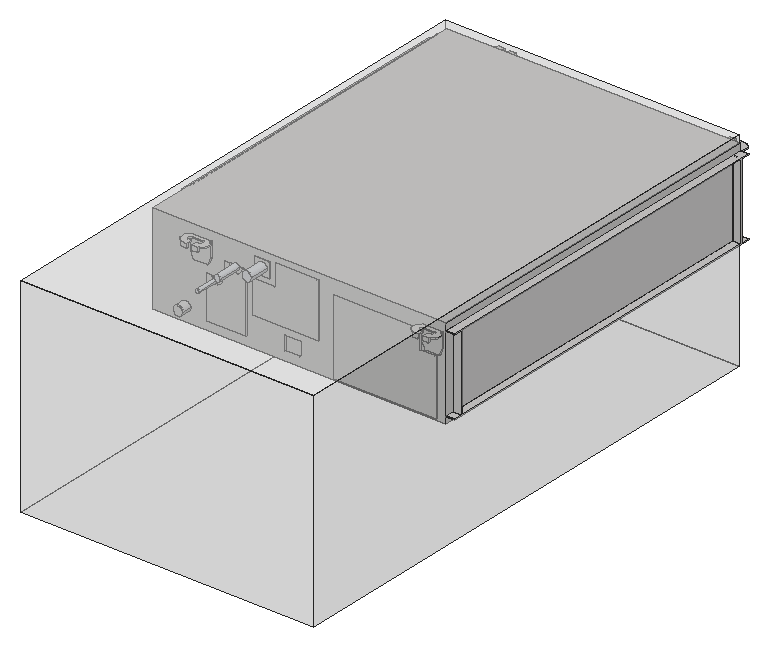
Revit family "outputfile", category 機械設備, Revit 2024
Family settings
  丸型コネクタ寸法 = 半径を使用
  パーツ タイプ = 標準
  OmniClass 番号 = 23.75.10.24.21.27.27
  OmniClass タイトル = Split System Air Conditioning Units
  作業面ベース = いいえ
  常に垂直 = はい
  ロード時にボイドで切り取り = いいえ
  注釈の向きを維持 = いいえ
  共有 = いいえ
  部屋計算ポイント = はい
Parameters (values of type "FXSQ63PAVS")
  Description = ""
  製造元 = "Daikin"
  書き出し IFC クラス(タイプ) = "IfcUnitaryEquipmentType"
  定義済み IFC タイプ(タイプ) = "AIRCONDITIONINGUNIT"
  Cost = 0
  モデル = "FXSQ63PAVS"
  Type Comments = ""
  Keynote = ""
  Type Image = (empty or 0)
  Assembly Code = ""
  r_Liquid Pipe Size = Liquid Pipe Size / 2  # 4.75 mm
  r_Gas Pipe Size = Gas Pipe Size / 2  # 7.95 mm
  r_Drain Pipe Size = Drain Pipe Size / 2  # 12.5 mm
  lw_power = 770.0 mm  # constant formula
  lh_SA = 138.0 mm  # constant formula
  lw_SA = if(Depth = 550.0 mm, 225.0 mm, if(Depth = 700.0 mm, 300.0 mm, if(Depth = 1000.0 mm, 450.0 mm, if(Depth = 1400.0 mm, 650.0 mm, 725.0 mm))))  # 450.0 mm
  lw_RA = if(Depth = 550.0 mm, 275.0 mm, if(Depth = 700.0 mm, 349.0 mm, if(Depth = 1000.0 mm, 499.0 mm, if(Depth = 1400.0 mm, 699.0 mm, 775.0 mm))))  # 499.0 mm
  lh_power = 60.0 mm + [h***]  # 60.0 mm
  lh_mountinghole1 = lh_mountinghole + [h***]  # 222.0 mm
  lh_RA = 123.0 mm  # constant formula
  ld_power = Depth / 2  # 500.0 mm
  Voltage_comment_50Hz = "220-240"
  Voltage_50Hz = 220 V
  URL = ""
  Supply Air Direction [instance] = yes
  Sound Power Level_H speed (dB) = 64
  Phase_50Hz = 1
  Minimum External Static Pressure = 50.00 Pa
  Minimum Circuit Amps_50Hz = 1.8 A
  Maximum Fuse Amps_50Hz = 16.0 A
  Maximum External Static Pressure = 150.00 Pa
  Material_Casing = DAIKIN_GalvanizedSteel_Casing_indoorunit
  lw_mountinghole = 630.0 mm  # constant formula
  lh_gaspipe = 183.0 mm + [h***]  # 183.0 mm
  lh_mountinghole = 222.0 mm  # constant formula
  lh_liquidpipe = 136.0 mm + [h***]  # 136.0 mm
  lh_drainpipe = 207.0 mm + [h***]  # 207.0 mm
  lh_antena = Height - lh_mountinghole + 1.0 mm  # 24.0 mm
  ld_drainpipe = Depth / 2 + 53.0 mm  # 553.0 mm
  ld_liquidpipe = Depth / 2 + 69.0 mm  # 569.0 mm
  ld_gaspipe = Depth / 2 + 65.0 mm  # 565.0 mm
  ld_mountinghole = Depth + 38.0 mm  # 1038.0 mm
  h*** = 0.0 mm  # constant formula
  lw_liquidpipe = 179.0 mm  # constant formula
  lw_gaspipe = 229.0 mm  # constant formula
  lw_drainpipe = 300.0 mm  # constant formula
  Width = 800.0 mm
  Version = "ver.1.0"
  Unit Type = "Middle Static Pressure Duct Type"
  Unit Mass Weight = 35.00 kg
  Unit Designation [instance] = ""
  Uniclass2015Version = "Products v1.30"
  Uniclass2015Title = "Variable refrigerant flow units"
  Uniclass2015Code = "Pr_70_65_03_94"
  Total Heating Capacity [instance] = 0.000 kW
  Total Cooling Capacity [instance] = 0.000 kW
  Sound Pressure Level_M speed (dBA) = 0
  Sound Pressure Level_L speed (dBA) = 29
  Sound Pressure Level_H speed (dBA) = 36
  Series = "VRV Fan Coil Unit"
  Sensible Cooling Capacity [instance] = 0.000 kW
  SA Duct Size Width = if(Depth = 550.0 mm, 337.0 mm, if(Depth = 700.0 mm, 492.0 mm, if(Depth = 1000.0 mm, 792.0 mm, if(Depth = 1400.0 mm, 1192.0 mm, 1337.0 mm))))  # 792.0 mm
  SA Duct Size Height = 176.0 mm
  Refrigerant Type = "R410A"
  RA Duct Size Width = if(Depth = 550.0 mm, 502.0 mm, if(Depth = 700.0 mm, 654.0 mm, if(Depth = 1000.0 mm, 952.0 mm, if(Depth = 1400.0 mm, 1352.0 mm, 1502.0 mm))))  # 952.0 mm
  RA Duct Size Height = 208.0 mm
  Power Input (Heating) = 0.217 kW
  Power Input (Cooling) = 0.222 kW
  Option Accessory 3 [instance] = ""
  Option Accessory 2 [instance] = ""
  Option Accessory 1 [instance] = ""
  Nominal Heating Capacity = 8.000 kW
  Nominal Cooling Capacity = 7.100 kW
  Minimum Airflow = 870.00 m³/h
  Median Airflow = 1050.00 m³/h
  Maximum Airflow = 1260.00 m³/h
  Load Classification = HVAC
  Liquid Pipe Size = 9.5 mm
  Link_Nested Family [instance] = ""
  IfcVersion = "0"
  IfcExportType = "AIRCONDITIONINGUNIT"
  IfcExportAs = "IfcUnitaryEquipmentType"
  Height = 245.0 mm
  Heating Entering Wet Bulb Temperature [instance] = 0.00 °C
  Heating Entering Dry Bulb Temperature [instance] = 0.00 °C
  Heating Ambient Wet Bulb Temperature [instance] = 0.00 °C
  Heating Ambient Dry Bulb Temperature [instance] = 0.00 °C
  Heat Exchanger Type = "Cross Fin Coil"
  Gas Pipe Size = 15.9 mm
  Frequency_50Hz = 50 Hz
  Fan Type = "Sirocco Fan"
  Fan Drive = "Direct Drive"
  FCU Tag No. [instance] = ""
  Drain Pipe Size = 25.0 mm
  Design Supply Airflow [instance] = 0.00 m³/h
  Design Return Airflow [instance] = 0.00 m³/h
  Design External Static Pressure [instance] = 0.00 Pa
  Depth = 1000.0 mm
  既定の高さ = 0.0 mm
  Cooling Entering Wet Bulb Temperature [instance] = 0.00 °C
  Cooling Entering Dry Bulb Temperature [instance] = 0.00 °C
  Cooling Ambient Wet Bulb Temperature [instance] = 0.00 °C
  Cooling Ambient Dry Bulb Temperature [instance] = 0.00 °C
  Clearance visibility [instance] = yes
  Clearance Top = 20.0 mm
  Clearance Right = 0.0 mm
  Clearance Rear = 0.0 mm
  Clearance Left = 0.0 mm
  Clearance Front = 450.0 mm
  Clearance Bottom = 300.0 mm
Reference planes
  plane 1 "Center (Front/Back)": y = 0
  plane 2 "h": z = 0
  plane 3 "Center (Left/Right)": x = 0
  plane 4 "Back": y = 500
  plane 5 "Front": y = -500
  plane 6 "Left": x = -400
  plane 7 "Reight": x = 400
  plane 8 "Top": z = 0
  plane 9 "Bottom": z = -245
  plane 10: y = -215
  plane 11: y = 500
  plane 12: y = -950
  plane 13: x = -400
  plane 14: x = 400
  plane 15: z = 20
  plane 16: z = -545
  plane 17: x = -400
  plane 18: x = -399
  plane 19: x = 399
  plane 20: y = 50
  plane 21: y = -1
  plane 22: z = -122
  plane 23: y = -501
  plane 24: z = -109
  plane 25: x = -221
  plane 26: y = -565
  plane 27: z = -62
  plane 28: x = -171
  plane 29: y = -553
  plane 30: z = -38
  plane 31: x = -100
  plane 32: x = -100
  plane 33: x = -221
  plane 34: x = -171
  plane 35: x = 370
  plane 36: x = -266
  plane 37: x = 364
  plane 38: y = -519
  plane 39: y = 519
  plane 40: z = -23
  plane 41: z = -107
  plane 42: y = -570
  plane 43: z = -207
  plane 44: x = -309
  plane 45: y = -526
  plane 46: x = -251
  plane 47: x = -203
  plane 48: x = -144
  plane 49: z = -59
  plane 50: z = -106
  plane 51: z = -221
  plane 52: z = -109
  plane 53: x = -221
  plane 54: z = -62
  plane 55: x = -171
  plane 56: z = -17
  plane 57: z = -59
  plane 58: x = -121
  plane 59: x = -79
  plane 60: x = -125
  plane 61: x = -64
  plane 62: x = 53
  plane 63: z = -164
  plane 64: z = -73
  plane 65: z = -16
  plane 66: x = 93.5
  plane 67: x = 374.5
  plane 68: x = 330
  plane 69: z = -88.5
  plane 70: z = -38
  plane 71: z = -242.5
  plane 72: x = -38.5
  plane 73: x = 6.5
  plane 74: z = -181
  plane 75: z = -221
  plane 76: y = -499
  plane 77: x = -424
  plane 78: x = 424
Forms (mm)
  Extrusion 1, solid, material "DAIKIN_GalvanizedSteel_Casing_indoorunit" <- "Material_Casing"
    sketch origin (0, 0, 0) x (1, 0, 0) y (0, 1, 0)
      loop
        line (-399, 500) -> (-399, -500) -> (399, -500) -> (399, 500) -> (-399, 500)
    from -245 to 0
  Extrusion 2, solid, material "DAIKIN_GalvanizedSteel_Casing_indoorunit" <- "Material_Casing"
    sketch origin (0, 0, 0) x (1, 0, 0) y (0, 0, 1)
      loop
        line (-251, -221) -> (-144, -221) -> (-144, -59) -> (-154.47, -59)
        arc (-154.47, -59) -> (-171, -78.8) -> (-187.53, -59) r 16.8
        line (-187.53, -59) -> (-203, -59) -> (-203, -106) -> (-206.916, -106)
        arc (-206.916, -106) -> (-221, -123.4) -> (-235.084, -106) r 14.4
        line (-235.084, -106) -> (-251, -106) -> (-251, -221)
    from 500 to 501
  Extrusion 3, solid, material "DAIKIN_GalvanizedSteel_Casing_indoorunit" <- "Material_Casing"
    sketch origin (0, 0, 0) x (1, 0, 0) y (0, 0, 1)
      loop
        line (-121, -17) -> (-121, -59) -> (-79, -59) -> (-79, -17) -> (-121, -17)
      loop
        line (-125, -73) -> (-125, -164) -> (53, -164) -> (53, -16) -> (-64, -16) -> (-64, -73) -> (-125, -73)
    from 500 to 501
  Extrusion 4, solid, material "DAIKIN_GalvanizedSteel_Casing_indoorunit" <- "Material_Casing"
    sketch origin (0, 0, 0) x (1, 0, 0) y (0, 0, 1)
      loop
        line (93.5, -38) -> (93.5, -242.5) -> (374.5, -242.5) -> (374.5, -88.5) -> (330, -88.5) -> (330, -38) -> (93.5, -38)
    from 500 to 501
  Extrusion 5, solid
    sketch origin (0, 0, 0) x (1, 0, 0) y (0, 0, 1)
      loop
        circle (-221, -109) r 4.75
    from 500 to 570
  Extrusion 6, solid
    sketch origin (0, 0, 0) x (1, 0, 0) y (0, 0, 1)
      loop
        circle (-171, -62) r 7.95
    from 500 to 565
  Extrusion 7, solid
    sketch origin (0, 0, 0) x (1, 0, 0) y (0, 0, 1)
      loop
        circle (-100, -38) r 12.5
    from 501 to 553
  Extrusion 8, solid, material "DAIKIN_GalvanizedSteel_Casing_indoorunit" <- "Material_Casing"
    sketch origin (0, 0, 0) x (1, 0, 0) y (0, 0, 1)
      loop
        circle (-309, -207) r 13
    from 500 to 526
  Extrusion 9, void
    sketch origin (0, 0, 0) x (1, 0, 0) y (0, 0, 1)
      loop
        line (-38.5, -181) -> (-38.5, -221) -> (6.5, -221) -> (6.5, -181) -> (-38.5, -181)
    from 499 to 500
Cuts and joins
  Extrusion 9 cuts Extrusion 1
Dimensions and locks
  "Height": plane 8 "Top" to plane 9 "Bottom"
  equal spacing: plane 4 "Back", plane 1 "Center (Front/Back)", plane 5 "Front"
  "Depth": plane 4 "Back" to plane 5 "Front"
  equal spacing: plane 6 "Left", plane 3 "Center (Left/Right)", plane 7 "Reight"
  "Width": plane 6 "Left" to plane 7 "Reight"
  "Clearance Left": plane 13 to plane 6 "Left"
  "Clearance Right": plane 7 "Reight" to plane 14
  "Clearance Rear": plane 11 to plane 4 "Back"
  "Clearance Front": plane 5 "Front" to plane 12
  "Clearance Top": plane 15 to plane 8 "Top"
  "Clearance Bottom": plane 9 "Bottom" to plane 16
  locked: plane 17 to plane 18 at 1
  locked: plane 19 to plane 14 at 1
  "lw_SA": plane 11 to plane 20
  "lw_RA": plane 21 to plane 5 "Front"
  "lh_RA": plane 22 to plane 9 "Bottom"
  locked: plane 5 "Front" to plane 23 at 1
  "lw_liquidpipe": plane 25 to plane 6 "Left"
  "lh_liquidpipe": plane 24 to plane 9 "Bottom"
  "lh_gaspipe": plane 27 to plane 9 "Bottom"
  "lw_gaspipe": plane 28 to plane 6 "Left"
  "ld_gaspipe": plane 26 to plane 1 "Center (Front/Back)"
  "ld_drainpipe": plane 29 to plane 1 "Center (Front/Back)"
  "lh_drainpipe": plane 30 to plane 9 "Bottom"
  "lw_drainpipe": plane 31 to plane 6 "Left"
  "lw_drainpipe": plane 6 "Left" to plane 32
  "lw_liquidpipe": plane 6 "Left" to plane 33
  "lw_gaspipe": plane 6 "Left" to plane 34
  "lw_power": plane 6 "Left" to plane 35
  locked: plane 17 to plane 36 at 134
  "lw_mountinghole": plane 36 to plane 37
  equal spacing: plane 38, plane 1 "Center (Front/Back)", plane 39
  "ld_mountinghole": plane 39 to plane 38
  "lh_mountinghole": plane 40 to plane 9 "Bottom"
  "lh_SA": plane 41 to plane 9 "Bottom"
  "ld_liquidpipe": plane 21 to plane 42
  locked: plane 44 to plane 6 "Left" at 91
  locked: plane 43 to plane 9 "Bottom" at 38
  locked: plane 5 "Front" to plane 45 at 26
  plane 48 to plane 47 to plane 46 to plane 6 "Left" = 59.0 mm, 48.0 mm, 149.0 mm
  plane 8 "Top" to plane 49 to plane 50 to plane 51 = 59.0 mm locked, 47.0 mm locked, 115.0 mm locked
  plane 55 to plane 53 to plane 6 "Left" = 50.0 mm locked, 179.0 mm locked
  plane 54 to plane 52 to plane 9 "Bottom" = 47.0 mm locked, 136.0 mm locked
  plane 59 to plane 58 to plane 6 "Left" = 42.0 mm locked, 279.0 mm locked
  plane 8 "Top" to plane 56 to plane 57 = 17.0 mm locked, 42.0 mm locked
  plane 62 to plane 61 to plane 60 to plane 6 "Left" = 117.0 mm, 61.0 mm, 275.0 mm
  plane 8 "Top" to plane 65 to plane 64 = 16.0 mm locked, 57.0 mm locked
  locked: plane 65 to plane 63 at 148
  plane 8 "Top" to plane 70 to plane 69 to plane 71 = 38.0 mm locked, 50.5 mm locked, 154.0 mm locked
  plane 67 to plane 68 to plane 66 to plane 6 "Left" = 44.5 mm locked, 236.5 mm locked, 493.5 mm locked
  plane 8 "Top" to plane 74 to plane 75 = 181.0 mm locked, 40.0 mm locked
  plane 73 to plane 72 to plane 6 "Left" = 45.0 mm, 361.5 mm
  locked: plane 76 to plane 5 "Front" at 1
  locked: plane 77 to plane 17 at 24
  locked: plane 14 to plane 78 at 24
  "r_Liquid Pipe Size": radius of Extrusion 5 sketch curve
  "r_Gas Pipe Size": radius of Extrusion 6 sketch curve
  "r_Drain Pipe Size": radius of Extrusion 7 sketch curve
  aligned and locked: level to plane 2 "h"
  aligned and locked: plane 8 "Top" to Extrusion 1
  aligned and locked: Extrusion 1 to plane 9 "Bottom"
  aligned and locked: nested 5 to plane 12
  aligned and locked: plane 13 to nested 5
  aligned and locked: plane 14 to nested 5
  aligned and locked: nested 5 to plane 13
  aligned and locked: plane 11 to nested 5
  aligned and locked: plane 15 to nested 5
  aligned and locked: plane 16 to nested 5
  aligned and locked: plane 5 "Front" to Extrusion 1 sketch curve
  aligned and locked: Extrusion 1 to plane 18
  aligned and locked: plane 19 to Extrusion 1
  aligned and locked: nested 7 to plane 18
  aligned and locked: nested 7 to plane 20
  aligned and locked: plane 19 to nested 8
  aligned and locked: plane 21 to nested 8
  aligned and locked: plane 22 to nested 8
  aligned and locked: Extrusion 2 to plane 23
  aligned and locked: plane 5 "Front" to Extrusion 2
  aligned and locked: Extrusion 3 to plane 23
  aligned and locked: plane 5 "Front" to Extrusion 3
  aligned and locked: plane 5 "Front" to Extrusion 4
  aligned and locked: Extrusion 5 sketch curve to plane 25
  aligned and locked: plane 24 to Extrusion 5 sketch curve
  aligned and locked: plane 5 "Front" to Extrusion 5
  aligned and locked: Extrusion 6 sketch curve to plane 28
  aligned and locked: plane 27 to Extrusion 6 sketch curve
  aligned and locked: plane 5 "Front" to Extrusion 6
  aligned and locked: Extrusion 7 sketch curve to plane 31
  aligned and locked: Extrusion 7 sketch curve to plane 30
  aligned and locked: Extrusion 7 to plane 29
  aligned and locked: plane 23 to Extrusion 7
  aligned and locked: nested 3 to plane 29
  aligned and locked: plane 32 to nested 3
  aligned and locked: nested 2 to plane 33
  aligned and locked: nested 1 to plane 34
  aligned and locked: Extrusion 6 to plane 26
  aligned and locked: nested 1 to plane 26
  aligned and locked: nested 6 to plane 5 "Front"
  aligned and locked: nested 6 to plane 35
  aligned and locked: plane 36 to nested 10
  aligned and locked: nested 10 to plane 5 "Front"
  aligned and locked: plane 37 to nested 9
  aligned and locked: nested 9 to plane 5 "Front"
  aligned and locked: nested 11 to plane 36
  aligned and locked: plane 4 "Back" to nested 11
  aligned and locked: nested 12 to plane 37
  aligned and locked: plane 4 "Back" to nested 12
  aligned and locked: plane 40 to nested 10
  aligned and locked: plane 40 to nested 11
  aligned and locked: plane 40 to nested 9
  aligned and locked: plane 40 to nested 12
  aligned and locked: plane 36 to nested 14
  aligned and locked: nested 14 to plane 39
  aligned and locked: plane 37 to nested 13
  aligned and locked: nested 13 to plane 39
  aligned and locked: plane 37 to nested 16
  aligned and locked: plane 38 to nested 16
  aligned and locked: plane 38 to nested 15
  aligned and locked: plane 36 to nested 15
  aligned and locked: plane 17 to plane 6 "Left"
  aligned and locked: plane 41 to nested 7
  aligned and locked: Extrusion 5 to plane 42
  aligned and locked: nested 2 to plane 42
  aligned and locked: Extrusion 8 sketch curve to plane 44
  aligned and locked: plane 43 to Extrusion 8 sketch curve
  aligned and locked: plane 5 "Front" to Extrusion 8
  aligned and locked: plane 45 to Extrusion 8
  aligned and locked: Extrusion 3 sketch curve to plane 56
  aligned and locked: Extrusion 3 sketch curve to plane 58
  aligned and locked: plane 57 to Extrusion 3 sketch curve
  aligned and locked: plane 59 to Extrusion 3 sketch curve
  aligned and locked: Extrusion 4 to plane 23
  aligned and locked: Extrusion 9 sketch curve to plane 74
  aligned and locked: plane 75 to Extrusion 9 sketch curve
  aligned and locked: plane 73 to Extrusion 9 sketch curve
  aligned and locked: plane 5 "Front" to Extrusion 9
  aligned and locked: plane 76 to Extrusion 9
  aligned and locked: nested 17 to plane 20
  aligned and locked: nested 17 to plane 77
  aligned and locked: plane 21 to nested 18
  aligned and locked: plane 78 to nested 18
  aligned and locked: plane 41 to nested 17
  aligned and locked: nested 18 to plane 22
  aligned and locked: nested 4 to plane 3 "Center (Left/Right)"
  aligned and locked: plane 1 "Center (Front/Back)" to nested 4
  aligned and locked: level to plane 8 "Top"
Automatic sketch dimensions
  plane 6 "Left" to Extrusion 1 sketch curve = 1.0 mm
  Extrusion 1 sketch curve to plane 7 "Reight" = 1.0 mm
  Extrusion 1 sketch curve to plane 4 "Back" = 0.0 mm
  Extrusion 2 sketch curve to plane 46 = 0.0 mm
  Extrusion 2 sketch curve to plane 33 = 0.0 mm
  Extrusion 2 sketch curve to plane 47 = 0.0 mm
  Extrusion 2 sketch curve to plane 34 = 0.0 mm
  Extrusion 2 sketch curve to plane 48 = 0.0 mm
  Extrusion 2 sketch curve to plane 51 = 0.0 mm
  Extrusion 2 sketch curve to plane 52 = 0.0 mm
  Extrusion 2 sketch curve to plane 50 = 0.0 mm  (x3)
  Extrusion 2 sketch curve to plane 54 = 0.0 mm
  Extrusion 2 sketch curve to plane 49 = 0.0 mm  (x3)
  plane 33 to Extrusion 2 sketch curve = 14.084 mm
  plane 34 to Extrusion 2 sketch curve = 16.53 mm
  Extrusion 3 sketch curve to plane 60 = 0.0 mm
  Extrusion 3 sketch curve to plane 61 = 0.0 mm
  Extrusion 3 sketch curve to plane 62 = 0.0 mm
  Extrusion 3 sketch curve to plane 63 = 0.0 mm
  Extrusion 3 sketch curve to plane 64 = 0.0 mm
  Extrusion 3 sketch curve to plane 65 = 0.0 mm
  Extrusion 4 sketch curve to plane 66 = 0.0 mm
  Extrusion 4 sketch curve to plane 68 = 0.0 mm
  Extrusion 4 sketch curve to plane 67 = 0.0 mm
  Extrusion 4 sketch curve to plane 71 = 0.0 mm
  Extrusion 4 sketch curve to plane 69 = 0.0 mm
  Extrusion 4 sketch curve to plane 70 = 0.0 mm
  Extrusion 9 sketch curve to plane 72 = 0.0 mm
  radius of Extrusion 8 sketch curve = 13.0 mm
Nested families
  nested 1: "daikin_connector_rotate2" at (-171, 0, -62), length <- "ld_gaspipe", built-in parameter 1001364 <- "lh_gaspipe", radius <- "r_Gas Pipe Size", type "daikin_connector_rotate2"
    with radius 7.95 mm, length 565.0 mm, angle_vertical 90.00°
  nested 2: "daikin_connector_rotate2" at (-221, -1, -109), length <- "ld_liquidpipe", built-in parameter 1001364 <- "lh_liquidpipe", radius <- "r_Liquid Pipe Size", type "daikin_connector_rotate2"
    with radius 4.75 mm, length 569.0 mm, angle_vertical 90.00°
  nested 3: "daikin_connector_rotate2" at (-100, 0, -38), length <- "ld_drainpipe", built-in parameter 1001364 <- "lh_drainpipe", radius <- "r_Drain Pipe Size", type "daikin_connector_rotate2"
    with radius 12.5 mm, length 553.0 mm, angle_vertical 90.00°
  nested 4: "daikin_△_symbolicline" at (0, 0, 245) x (0, -1, 0) z (0, 0, 1), built-in parameter 1001364 <- "Height", visible <- "Supply Air Direction", type "daikin_△_symbolicline"
    with length 200.0 mm
  nested 5: "daikin_clearancespace" at (0, -225, -262.381), visible <- "Clearance visibility", show <- "Clearance visibility", Link_Nested Family <- "Link_Nested Family", type "daikin_clearancespace"
    with width 800.0 mm, show yes, height 565.0 mm, depth 1450.0 mm, Link_Nested Family ""
  nested 6: "daikin_connector_rotate2" at (370, 0, -185), built-in parameter 1001364 <- "lh_power", length <- "ld_power", type "daikin_connector_rotate2"
    with radius 10.0 mm, length 500.0 mm, angle_vertical 90.00°
  nested 7: "daikin_ductflange_FXSQ-PAVS2" at (-399, 50, -107) x (0, -1, 0) z (0, 0, 1), type "daikin_ductflange_FXSQ-PAVS2"
    with width 792.0 mm, w 1000.0 mm
  nested 8: "daikin_ductflange_FXSQ-PAVS" at (399, -1, -122) x (0, 1, 0) z (0, 0, 1), type "daikin_ductflange_FXSQ-PAVS"
    with width 952.0 mm, w 1000.0 mm
  nested 9: "daikin_hangerfixture_FXSQ-PAVS" at (364, -500, -23), type "daikin_hangerfixture_FXSQ-PAVS"
  nested 10: "daikin_hangerfixture_FXSQ-PAVS" at (-266, -500, -23), type "daikin_hangerfixture_FXSQ-PAVS"
  nested 11: "daikin_hangerfixture_FXSQ-PAVS" at (-266, 500, -23) x (-1, 0, 0) z (0, 0, 1), type "daikin_hangerfixture_FXSQ-PAVS"
  nested 12: "daikin_hangerfixture_FXSQ-PAVS" at (364, 500, -23) x (-1, 0, 0) z (0, 0, 1), type "daikin_hangerfixture_FXSQ-PAVS"
  nested 13: "daikin_mountinghole" at (364, 519, -245), h_mountinghole <- "lh_mountinghole1", l_antenna <- "lh_antena", Link_Nested Family <- "Link_Nested Family", type "daikin_mountinghole"
    with show yes, l_antenna 24.0 mm, h_mountinghole 222.0 mm, Link_Nested Family ""
  nested 14: "daikin_mountinghole" at (-266, 519, -245), h_mountinghole <- "lh_mountinghole1", l_antenna <- "lh_antena", Link_Nested Family <- "Link_Nested Family", type "daikin_mountinghole"
    with show yes, l_antenna 24.0 mm, h_mountinghole 222.0 mm, Link_Nested Family ""
  nested 15: "daikin_mountinghole" at (-266, -519, -245), h_mountinghole <- "lh_mountinghole1", l_antenna <- "lh_antena", Link_Nested Family <- "Link_Nested Family", type "daikin_mountinghole"
    with show yes, l_antenna 24.0 mm, h_mountinghole 222.0 mm, Link_Nested Family ""
  nested 16: "daikin_mountinghole" at (364, -519, -245), h_mountinghole <- "lh_mountinghole1", l_antenna <- "lh_antena", Link_Nested Family <- "Link_Nested Family", type "daikin_mountinghole"
    with show yes, l_antenna 24.0 mm, h_mountinghole 222.0 mm, Link_Nested Family ""
  nested 17: "daikin_connector_rotate2" at (-400, 50, -107) x (0, -1, 0) z (0, 0, 1), type "daikin_connector_rotate2"
    with radius 10.0 mm, length 24.0 mm, angle_vertical 90.00°
  nested 18: "daikin_connector_rotate2" at (400, -1, -122) x (0, 1, 0) z (0, 0, 1), type "daikin_connector_rotate2"
    with radius 10.0 mm, length 24.0 mm, angle_vertical 90.00°
Connectors
  piping at (-100, -553, -38), diameter 25, driven by "r_Drain Pipe Size"
    settings: on nested 3, index 3, connector inside diameter 609.6 mm, connector length 0.0 mm, flow factor 0, pipe flow 0.00 m³/h, pressure drop 0.0 Pa, fitting loss kfactor 0, connector angle 0.00°, fixture units 0, engagement length 0.0 mm, angle of deflection 0.00°, flow configuration 1, flow direction 2, fitting loss method 4, system type 16, joint type 0, gender type 0, connector reference index -1, connector utility 0, adjustable connector no, is connector primary yes, connector description "Condensate Drain Piping"
  piping at (-171, -565, -62), diameter 15.9, driven by "r_Gas Pipe Size"
    settings: on nested 1, index 4, connector inside diameter 609.6 mm, connector length 0.0 mm, flow factor 0, pipe flow 0.00 m³/h, pressure drop 0.0 Pa, fitting loss kfactor 0, connector angle 0.00°, fixture units 0, engagement length 0.0 mm, angle of deflection 0.00°, flow configuration 1, flow direction 2, fitting loss method 0, system type 29, joint type 0, gender type 0, connector reference index -1, connector utility 0, adjustable connector no, is connector primary no, connector description "Refrigerant Gas Piping"
  piping at (-221, -570, -109), diameter 9.5, driven by "r_Liquid Pipe Size"
    settings: on nested 2, index 5, connector inside diameter 609.6 mm, connector length 0.0 mm, flow factor 0, pipe flow 0.00 m³/h, pressure drop 0.0 Pa, fitting loss kfactor 0, connector angle 0.00°, fixture units 0, engagement length 0.0 mm, angle of deflection 0.00°, flow configuration 1, flow direction 1, fitting loss method 0, system type 29, joint type 0, gender type 0, connector reference index -1, connector utility 0, adjustable connector no, is connector primary no, connector description "Refrigerant Liquid Piping"
  electrical at (370, -500, -185), driven by "Load Classification"
    settings: on nested 6, index 6, voltage 0 V, apparent load 0 VA, apparent load phase1 0 VA, apparent load phase2 0 VA, apparent load phase3 0 VA, power factor 1, load classification "HVAC", number of poles 1, system type 30, power factor state 1, is connector primary yes, connector utility no, sub classification motor no, connector description "Power Supply"
  hvac at (-424, 50, -107), driven by "SA Duct Size Height", driven by "SA Duct Size Width"
    settings: on nested 17, index 7, duct flow 0.00 m³/h, flow factor 0, pres drop 0.00 Pa, loss coef 0, conn angle 0.00°, conn width 792.0 mm, conn height 176.0 mm, conn diameter 609.6 mm, duct sys type 1, conn prof type 1, flow config 0, flow direction 2, loss method 4, conn ref index -1, conn util no, is conn primary yes, conn desc "SA Duct"
  hvac at (424, -1, -122), driven by "RA Duct Size Height", driven by "RA Duct Size Width"
    settings: on nested 18, index 8, duct flow 0.00 m³/h, flow factor 0, pres drop 0.00 Pa, loss coef 0, conn angle 0.00°, conn width 952.0 mm, conn height 208.0 mm, conn diameter 609.6 mm, duct sys type 2, conn prof type 1, flow config 0, flow direction 1, loss method 4, conn ref index -1, conn util no, is conn primary no, conn desc "RA Duct"
Definition of nested family "daikin_clearancespace"
  Parameters (values of type "daikin_clearancespace")
    width [instance] = 1823.963 mm
    show [instance] = yes
    material = none
    height [instance] = 1359.762 mm
    depth [instance] = 880.0 mm
    Default Elevation = 0.0 mm
    Link_Nested Family [instance] = ""
  Reference planes
    plane 1 "Center (Front/Back)": y = 0
    plane 2 "Center (Elevation)": z = -0.119
    plane 3 "Center (Left/Right)": x = 0
    plane 4: y = 440
    plane 5: y = -440
    plane 6 "Right": x = 911.982
    plane 7 "Left": x = -911.982
    plane 8 "Top": z = 679.762
    plane 9 "Bottom": z = -680
  Forms (mm)
    Extrusion 1, solid, material <- "material", visible <- "show"
      sketch origin (0, 0, 0) x (1, 0, 0) y (0, 1, 0)
        loop
          line (-911.982, 440) -> (-911.982, -440) -> (911.982, -440) -> (911.982, 440) -> (-911.982, 440)
      from -680 to 679.762
  Lines and regions (mm)
    symbolic lines, visible <- "show"
      curve 1: line (911.982, 440, 0) -> (-911.982, 440, 0)
      curve 2: line (-911.982, 440, 0) -> (-911.982, -440, 0)
      curve 3: line (-911.982, -440, 0) -> (911.982, -440, 0)
      curve 4: line (911.982, -440, 0) -> (911.982, 440, 0)
      curve 5: line (911.982, 0, 679.762) -> (-911.982, 0, 679.762)
      curve 6: line (911.982, 0, -680) -> (911.982, 0, 679.762)
      curve 7: line (-911.982, 0, -680) -> (911.982, 0, -680)
      curve 8: line (-911.982, 0, 679.762) -> (-911.982, 0, -680)
      curve 9: line (0, 440, 679.762) -> (0, -440, 679.762)
      curve 10: line (0, -440, 679.762) -> (0, -440, -680)
      curve 11: line (0, 440, -680) -> (0, 440, 679.762)
      curve 12: line (0, -440, -680) -> (0, 440, -680)
  Dimensions and locks
    "width": plane 7 "Left" to plane 6 "Right"
    "depth": plane 4 to plane 5
    "height": plane 8 "Top" to plane 9 "Bottom"
    equal spacing: plane 7 "Left", plane 3 "Center (Left/Right)", plane 6 "Right"
    equal spacing: plane 4, plane 1 "Center (Front/Back)", plane 5
    equal spacing: plane 8 "Top", plane 2 "Center (Elevation)", plane 9 "Bottom"
    aligned and locked: level to plane 2 "Center (Elevation)"
    aligned and locked: Extrusion 1 sketch curve to plane 4
    aligned and locked: plane 7 "Left" to Extrusion 1 sketch curve
    aligned and locked: Extrusion 1 sketch curve to plane 5
    aligned and locked: Extrusion 1 sketch curve to plane 6 "Right"
    aligned and locked: plane 8 "Top" to Extrusion 1
    aligned and locked: curve 1 to Extrusion 1
    aligned and locked: curve 2 to Extrusion 1
    aligned and locked: curve 3 to Extrusion 1
    aligned and locked: curve 4 to Extrusion 1
    aligned and locked: curve 5 to Extrusion 1
    aligned and locked: curve 6 to Extrusion 1
    aligned and locked: curve 7 to Extrusion 1
    aligned and locked: curve 8 to Extrusion 1
    aligned and locked: curve 9 to Extrusion 1
    aligned and locked: curve 10 to Extrusion 1
    aligned and locked: curve 11 to Extrusion 1
    aligned and locked: curve 12 to Extrusion 1
    aligned and locked: Extrusion 1 to plane 9 "Bottom"
Definition of nested family "daikin_ductflange_FXSQ-PAVS2"
  Parameters (values of type "daikin_ductflange_FXMQ-PAVE2")
    width = if(w = 550.0 mm, 337.0 mm, if(w = 700.0 mm, 492.0 mm, if(w = 1000.0 mm, 792.0 mm, if(w = 1400.0 mm, 1192.0 mm, 1337.0 mm))))  # 337.0 mm
    material = none
    height = 215.0 mm
    depth = 1.0 mm
    w = 550.0 mm
    Default Elevation = 0.0 mm
  Reference planes
    plane 1 "Center (Front/Back)": y = 0
    plane 2: z = 0
    plane 3 "Center (Left/Right)": x = 0
    plane 4: z = 88
    plane 5: z = -88
    plane 6: y = -25
    plane 7: z = 106
    plane 8: z = 89
    plane 9: y = -1
    plane 10: x = -192.5
    plane 11: x = 192.5
    plane 12: z = -106
    plane 13: z = -89
    plane 14: y = -1
    plane 15: x = 168.5
    plane 16: x = -168.5
    plane 17: x = 169.5
    plane 18: z = 87
    plane 19: z = -87
    plane 20: x = -169.5
    plane 21: z = 87
    plane 22: z = -87
    plane 23: y = -1
  Forms (mm)
    Extrusion 1, solid, material <- "material"
      sketch origin (0, 0, 0) x (0, 1, 0) y (0, 0, 1)
        loop
          line (-25, 88) -> (0, 88) -> (0, 106) -> (-1, 106) -> (-1, 89) -> (-25, 89) -> (-25, 88)
      from -192.5 to 192.5
    Extrusion 2, solid, material <- "material"
      sketch origin (0, 0, 0) x (0, 1, 0) y (0, 0, 1)
        loop
          line (-25, -88) -> (-25, -89) -> (-1, -89) -> (-1, -106) -> (0, -106) -> (0, -88) -> (-25, -88)
      from -192.5 to 192.5
    Extrusion 3, solid, material <- "material"
      sketch origin (0, 0, 0) x (1, 0, 0) y (0, 0, 1)
        loop
          line (168.5, 88) -> (168.5, -88) -> (192.5, -88) -> (192.5, -87) -> (169.5, -87) -> (169.5, 87) -> (192.5, 87) -> (192.5, 88) -> (168.5, 88)
      from 0 to 25
    Extrusion 4, solid, material <- "material"
      sketch origin (0, 0, 0) x (1, 0, 0) y (0, 0, 1)
        loop
          line (-192.5, 88) -> (-192.5, 87) -> (-169.5, 87) -> (-169.5, -87) -> (-192.5, -87) -> (-192.5, -88) -> (-168.5, -88) -> (-168.5, 88) -> (-192.5, 88)
      from 0 to 25
    Extrusion 5, solid, material <- "material"
      sketch origin (0, 0, 0) x (1, 0, 0) y (0, 0, 1)
        loop
          line (-192.5, 88) -> (-192.5, -88) -> (-168.5, -88) -> (-168.5, 88) -> (-192.5, 88)
        loop
          line (192.5, 88) -> (168.5, 88) -> (168.5, -88) -> (192.5, -88) -> (192.5, 88)
      from 0 to 1
  Cuts and joins
    joined: Extrusion 1, Extrusion 2, Extrusion 3, Extrusion 4, Extrusion 5
  Dimensions and locks
    plane 4 to level to plane 5 = 88.0 mm, 88.0 mm
    locked: plane 6 to plane 1 "Center (Front/Back)" at 25
    locked: plane 9 to plane 1 "Center (Front/Back)" at 1
    locked: plane 8 to plane 4 at 1
    locked: plane 16 to plane 10 at 24
    locked: plane 17 to plane 15 at 1
    locked: plane 4 to plane 18 at 1
    locked: plane 19 to plane 5 at 1
    "width": plane 15 to plane 16
    plane 4 to plane 5 = 176.0 mm
    locked: plane 16 to plane 20 at 1
    locked: plane 4 to plane 21 at 1
    locked: plane 22 to plane 5 at 1
    locked: plane 23 to plane 1 "Center (Front/Back)" at 1
    plane 4 to level to plane 5 = 88.0 mm locked, 88.0 mm locked
    locked: plane 5 to plane 13 at 1
    locked: plane 5 to plane 12 at 18
    locked: plane 7 to plane 4 at 18
    equal spacing: plane 15, plane 3 "Center (Left/Right)", plane 16
    locked: plane 11 to plane 15 at 24
    plane 11 to plane 10 = 385.0 mm
    aligned and locked: level to plane 2
    aligned and locked: Extrusion 1 to plane 10
    aligned and locked: plane 11 to Extrusion 1
    aligned and locked: plane 5 to Extrusion 2
    aligned and locked: Extrusion 2 to plane 1 "Center (Front/Back)"
    aligned and locked: plane 15 to Extrusion 3 sketch curve
    aligned and locked: Extrusion 3 sketch curve to Extrusion 2  (x2)
    aligned and locked: Extrusion 3 sketch curve to plane 11
    aligned and locked: plane 6 to Extrusion 3
    aligned and locked: Extrusion 2 to plane 10
    aligned and locked: plane 11 to Extrusion 2
    aligned and locked: Extrusion 4 sketch curve to Extrusion 1  (x2)
    aligned and locked: plane 5 to Extrusion 4 sketch curve
    aligned and locked: Extrusion 4 sketch curve to plane 16
    aligned and locked: Extrusion 4 sketch curve to plane 22
    aligned and locked: plane 20 to Extrusion 4 sketch curve
    aligned and locked: plane 21 to Extrusion 4 sketch curve
    aligned and locked: Extrusion 4 to plane 1 "Center (Front/Back)"
    aligned and locked: plane 6 to Extrusion 4
    aligned and locked: Extrusion 5 sketch curve to Extrusion 1  (x4)
    aligned and locked: Extrusion 5 sketch curve to Extrusion 4  (x2)
    aligned and locked: Extrusion 5 sketch curve to Extrusion 3  (x2)
    aligned and locked: Extrusion 5 to plane 1 "Center (Front/Back)"
    aligned and locked: plane 23 to Extrusion 5
  Automatic sketch dimensions
    Extrusion 1 sketch curve to plane 6 = 0.0 mm
    Extrusion 1 sketch curve to plane 7 = 0.0 mm
    Extrusion 1 sketch curve to plane 9 = 0.0 mm
    Extrusion 1 sketch curve to plane 1 "Center (Front/Back)" = 0.0 mm
    Extrusion 1 sketch curve to plane 4 = 0.0 mm
    Extrusion 1 sketch curve to plane 8 = 0.0 mm
    Extrusion 2 sketch curve to plane 6 = 0.0 mm
    plane 12 to Extrusion 2 sketch curve = 0.0 mm
    Extrusion 2 sketch curve to plane 14 = 0.0 mm
    Extrusion 2 sketch curve to plane 1 "Center (Front/Back)" = 0.0 mm
    plane 13 to Extrusion 2 sketch curve = 0.0 mm
    Extrusion 2 sketch curve to plane 5 = 0.0 mm
    Extrusion 3 sketch curve to plane 17 = 0.0 mm
    Extrusion 3 sketch curve to plane 19 = 0.0 mm
    Extrusion 3 sketch curve to plane 18 = 0.0 mm
    Extrusion 3 sketch curve to plane 4 = 0.0 mm
    Extrusion 4 sketch curve to plane 10 = 0.0 mm
Definition of nested family "daikin_ductflange_FXSQ-PAVS"
  Parameters (values of type "daikin_ductflange_FXMQ-PAVE")
    width = if(w = 550.0 mm, 502.0 mm, if(w = 700.0 mm, 654.0 mm, if(w = 1000.0 mm, 952.0 mm, if(w = 1400.0 mm, 1352.0 mm, 1502.0 mm))))  # 502.0 mm
    material = none
    height = 208.0 mm
    depth = 1.0 mm
    w = 550.0 mm
    Default Elevation = 0.0 mm
  Reference planes
    plane 1 "Center (Front/Back)": y = 0
    plane 2: z = 0
    plane 3 "Center (Left/Right)": x = 0
    plane 4: z = 104
    plane 5: z = -104
    plane 6: y = -25
    plane 7: z = 121
    plane 8: z = 105
    plane 9: y = -1
    plane 10: x = -275
    plane 11: x = 275
    plane 12: z = -122
    plane 13: z = -105
    plane 14: y = -1
    plane 15: x = 251
    plane 16: x = -251
    plane 17: x = 252
    plane 18: z = 103
    plane 19: z = -103
    plane 20: x = -252
    plane 21: z = 103
    plane 22: z = -103
    plane 23: y = -1
  Forms (mm)
    Extrusion 1, solid, material <- "material"
      sketch origin (0, 0, 0) x (0, 1, 0) y (0, 0, 1)
        loop
          line (-25, 104) -> (0, 104) -> (0, 121) -> (-1, 121) -> (-1, 105) -> (-25, 105) -> (-25, 104)
      from -275 to 275
    Extrusion 2, solid, material <- "material"
      sketch origin (0, 0, 0) x (0, 1, 0) y (0, 0, 1)
        loop
          line (-25, -104) -> (-25, -105) -> (-1, -105) -> (-1, -122) -> (0, -122) -> (0, -104) -> (-25, -104)
      from -275 to 275
    Extrusion 3, solid, material <- "material"
      sketch origin (0, 0, 0) x (1, 0, 0) y (0, 0, 1)
        loop
          line (251, 104) -> (251, -104) -> (275, -104) -> (275, -103) -> (252, -103) -> (252, 103) -> (275, 103) -> (275, 104) -> (251, 104)
      from 0 to 25
    Extrusion 4, solid, material <- "material"
      sketch origin (0, 0, 0) x (1, 0, 0) y (0, 0, 1)
        loop
          line (-275, 104) -> (-275, 103) -> (-252, 103) -> (-252, -103) -> (-275, -103) -> (-275, -104) -> (-251, -104) -> (-251, 104) -> (-275, 104)
      from 0 to 25
    Extrusion 5, solid, material <- "material"
      sketch origin (0, 0, 0) x (1, 0, 0) y (0, 0, 1)
        loop
          line (-275, 104) -> (-275, -104) -> (-251, -104) -> (-251, 104) -> (-275, 104)
        loop
          line (275, 104) -> (251, 104) -> (251, -104) -> (275, -104) -> (275, 104)
      from 0 to 1
  Cuts and joins
    joined: Extrusion 1, Extrusion 2, Extrusion 3, Extrusion 4, Extrusion 5
  Dimensions and locks
    plane 4 to level to plane 5 = 104.0 mm, 104.0 mm
    locked: plane 6 to plane 1 "Center (Front/Back)" at 25
    locked: plane 9 to plane 1 "Center (Front/Back)" at 1
    locked: plane 8 to plane 4 at 1
    locked: plane 11 to plane 15 at 24
    locked: plane 16 to plane 10 at 24
    locked: plane 17 to plane 15 at 1
    locked: plane 4 to plane 18 at 1
    locked: plane 19 to plane 5 at 1
    "width": plane 15 to plane 16
    equal spacing: plane 15, plane 3 "Center (Left/Right)", plane 16
    locked: plane 16 to plane 20 at 1
    locked: plane 4 to plane 21 at 1
    locked: plane 22 to plane 5 at 1
    locked: plane 23 to plane 1 "Center (Front/Back)" at 1
    locked: plane 7 to plane 4 at 17
    locked: plane 1 "Center (Front/Back)" to plane 14 at 1
    locked: plane 5 to plane 13 at 1
    "height": plane 4 to plane 5
    plane 11 to plane 10 = 550.0 mm
    locked: plane 12 to plane 13 at 17
    equal spacing: plane 4, level, plane 5
    aligned and locked: level to plane 2
    aligned and locked: Extrusion 1 to plane 10
    aligned and locked: plane 11 to Extrusion 1
    aligned and locked: plane 5 to Extrusion 2
    aligned and locked: Extrusion 2 to plane 1 "Center (Front/Back)"
    aligned and locked: plane 15 to Extrusion 3 sketch curve
    aligned and locked: Extrusion 3 sketch curve to Extrusion 2  (x2)
    aligned and locked: Extrusion 3 sketch curve to plane 11
    aligned and locked: plane 6 to Extrusion 3
    aligned and locked: Extrusion 2 to plane 10
    aligned and locked: plane 11 to Extrusion 2
    aligned and locked: Extrusion 4 sketch curve to Extrusion 1  (x2)
    aligned and locked: plane 5 to Extrusion 4 sketch curve
    aligned and locked: Extrusion 4 sketch curve to plane 16
    aligned and locked: Extrusion 4 sketch curve to plane 22
    aligned and locked: plane 20 to Extrusion 4 sketch curve
    aligned and locked: plane 21 to Extrusion 4 sketch curve
    aligned and locked: Extrusion 4 to plane 1 "Center (Front/Back)"
    aligned and locked: plane 6 to Extrusion 4
    aligned and locked: Extrusion 5 sketch curve to Extrusion 1  (x4)
    aligned and locked: Extrusion 5 sketch curve to Extrusion 4  (x2)
    aligned and locked: Extrusion 5 sketch curve to Extrusion 3  (x2)
    aligned and locked: Extrusion 5 to plane 1 "Center (Front/Back)"
    aligned and locked: plane 23 to Extrusion 5
  Automatic sketch dimensions
    Extrusion 1 sketch curve to plane 6 = 0.0 mm
    Extrusion 1 sketch curve to plane 7 = 0.0 mm
    Extrusion 1 sketch curve to plane 9 = 0.0 mm
    Extrusion 1 sketch curve to plane 1 "Center (Front/Back)" = 0.0 mm
    Extrusion 1 sketch curve to plane 4 = 0.0 mm
    Extrusion 1 sketch curve to plane 8 = 0.0 mm
    Extrusion 2 sketch curve to plane 6 = 0.0 mm
    plane 12 to Extrusion 2 sketch curve = 0.0 mm
    Extrusion 2 sketch curve to plane 14 = 0.0 mm
    Extrusion 2 sketch curve to plane 1 "Center (Front/Back)" = 0.0 mm
    plane 13 to Extrusion 2 sketch curve = 0.0 mm
    Extrusion 2 sketch curve to plane 5 = 0.0 mm
    Extrusion 3 sketch curve to plane 17 = 0.0 mm
    Extrusion 3 sketch curve to plane 19 = 0.0 mm
    Extrusion 3 sketch curve to plane 18 = 0.0 mm
    Extrusion 3 sketch curve to plane 4 = 0.0 mm
    Extrusion 4 sketch curve to plane 10 = 0.0 mm
Definition of nested family "daikin_hangerfixture_FXSQ-PAVS"
  Parameters (values of type "daikin_hangerfixture_FXMQ-PAVE")
    width = 72.0 mm
    material = none
    height = 60.0 mm
    depth = 41.0 mm
    Default Elevation = 0.0 mm
  Reference planes
    plane 1 "Center (Front/Back)": y = 0
    plane 2: z = 0
    plane 3 "Center (Left/Right)": x = 0
    plane 4: y = 417.146
    plane 5: y = -41
    plane 6: x = -36
    plane 7: x = 36
    plane 8: z = -2.3
    plane 9: z = -60
    plane 10: y = -2.3
    plane 11: z = -12
    plane 12: y = -38.7
  Forms (mm)
    Extrusion 1, solid, material <- "material"
      sketch origin (0, 0, 0) x (1, 0, 0) y (0, 1, 0)
        loop
          line (-28, 0) -> (-28, -5)
          arc (-28, -5) -> (-29.127, -8.162) -> (-32, -9.899) r 5
          arc (-32, -9.899) -> (-34.873, -11.636) -> (-36, -14.798) r 5
          line (-36, -14.798) -> (-36, -27.178)
          arc (-36, -27.178) -> (-35.429, -29.499) -> (-33.846, -31.289) r 5
          line (-33.846, -31.289) -> (-23, -38.798) -> (-23, -41.098) -> (-6.5, -41.098) -> (-6.5, -28.498)
          arc (-6.5, -28.498) -> (-7.379, -26.377) -> (-9.5, -25.498) r 3
          line (-9.5, -25.498) -> (-13.5, -25.498)
          arc (-13.5, -25.498) -> (-20, -18.998) -> (-13.5, -12.498) r 6.5
          line (-13.5, -12.498) -> (13.5, -12.498)
          arc (13.5, -12.498) -> (20, -18.998) -> (13.5, -25.498) r 6.5
          line (13.5, -25.498) -> (9.5, -25.498)
          arc (9.5, -25.498) -> (7.379, -26.377) -> (6.5, -28.498) r 3
          line (6.5, -28.498) -> (6.5, -41.098) -> (23, -41.098) -> (23, -38.798) -> (33.846, -31.289)
          arc (33.846, -31.289) -> (35.429, -29.499) -> (36, -27.178) r 5
          line (36, -27.178) -> (36, -14.596)
          arc (36, -14.596) -> (34.873, -11.434) -> (32, -9.697) r 5
          arc (32, -9.697) -> (29.127, -7.96) -> (28, -4.798) r 5
          line (28, -4.798) -> (28, 0) -> (-28, 0)
      from 0 to -2.3
    Extrusion 2, solid, material <- "material"
      sketch origin (0, 0, 0) x (1, 0, 0) y (0, 0, 1)
        loop
          line (28, -39.037) -> (28, 0) -> (-28, 0) -> (-28, -39.037)
          arc (-28, -39.037) -> (-27.91, -39.983) -> (-27.642, -40.894) r 5
          line (-27.642, -40.894) -> (-21.257, -56.857)
          arc (-21.257, -56.857) -> (-19.418, -59.14) -> (-16.615, -60) r 5
          line (-16.615, -60) -> (16.615, -60)
          arc (16.615, -60) -> (19.418, -59.14) -> (21.257, -56.857) r 5
          line (21.257, -56.857) -> (27.642, -40.894)
          arc (27.642, -40.894) -> (27.91, -39.983) -> (28, -39.037) r 5
      from 0 to 2.3
    Extrusion 3, solid, material <- "material"
      sketch origin (0, 0, 0) x (1, 0, 0) y (0, 0, 1)
        loop
          line (-23, 0) -> (-23, -9)
          arc (-23, -9) -> (-22.121, -11.121) -> (-20, -12) r 3
          line (-20, -12) -> (-9.5, -12)
          arc (-9.5, -12) -> (-7.379, -11.121) -> (-6.5, -9) r 3
          line (-6.5, -9) -> (-6.5, 0) -> (-23, 0)
        loop
          line (23, 0) -> (6.5, 0) -> (6.5, -9)
          arc (6.5, -9) -> (7.379, -11.121) -> (9.5, -12) r 3
          line (9.5, -12) -> (20, -12)
          arc (20, -12) -> (22.121, -11.121) -> (23, -9) r 3
          line (23, -9) -> (23, 0)
      from 38.8 to 41.098
  Cuts and joins
    joined: Extrusion 1, Extrusion 2, Extrusion 3
  Dimensions and locks
    plane 2 to plane 8 = 2.3 mm
    "height": plane 2 to plane 9
    locked: plane 10 to plane 1 "Center (Front/Back)" at 2.3
    locked: plane 2 to plane 11 at 12
    locked: plane 12 to plane 5 at 2.3
    aligned and locked: level to plane 2
    aligned and locked: Extrusion 1 to plane 8
    aligned and locked: plane 2 to Extrusion 1
    aligned and locked: plane 2 to Extrusion 2 sketch curve
    aligned and locked: Extrusion 2 to plane 10
    aligned and locked: Extrusion 2 to plane 1 "Center (Front/Back)"
    aligned and locked: Extrusion 3 sketch curve to cut or joined group of Extrusion 1, Extrusion 2, Extrusion 3  (x3)
    aligned and locked: cut or joined group of Extrusion 1, Extrusion 2, Extrusion 3 to Extrusion 3
  Automatic sketch dimensions
    Extrusion 2 sketch curve to plane 7 = 8.0 mm
    Extrusion 2 sketch curve to plane 8 = 36.737 mm
    plane 6 to Extrusion 2 sketch curve = 19.385 mm
    Extrusion 1 sketch curve to plane 6 = 0.0 mm
    plane 1 "Center (Front/Back)" to Extrusion 1 sketch curve = 0.0 mm
    Extrusion 1 sketch curve to plane 7 = 0.0 mm
    plane 6 to Extrusion 1 sketch curve = 2.154 mm
    plane 6 to Extrusion 1 sketch curve = 3.0 mm
    Extrusion 1 sketch curve to Extrusion 1 sketch curve = 5.0 mm  (x3)
    Extrusion 1 sketch curve to plane 12 = 0.098 mm  (x2)
    Extrusion 1 sketch curve to Extrusion 1 sketch curve = 4.0 mm  (x2)
    Extrusion 1 sketch curve to plane 5 = 0.098 mm  (x2)
    Extrusion 1 sketch curve to plane 3 "Center (Left/Right)" = 6.5 mm
    plane 3 "Center (Left/Right)" to Extrusion 1 sketch curve = 6.5 mm
    Extrusion 1 sketch curve to Extrusion 1 sketch curve = 3.0 mm
    Extrusion 1 sketch curve to plane 7 = 8.0 mm
    Extrusion 1 sketch curve to plane 7 = 5.0 mm
    Extrusion 1 sketch curve to plane 7 = 3.0 mm
    Extrusion 1 sketch curve to plane 7 = 2.154 mm
    plane 12 to Extrusion 1 sketch curve = 7.411 mm  (x2)
    plane 12 to Extrusion 1 sketch curve = 10.202 mm  (x2)
    Extrusion 1 sketch curve to Extrusion 1 sketch curve = 6.5 mm  (x2)
    Extrusion 1 sketch curve to Extrusion 1 sketch curve = 12.38 mm
    Extrusion 1 sketch curve to plane 10 = 12.296 mm
    Extrusion 1 sketch curve to plane 10 = 2.7 mm
    Extrusion 1 sketch curve to plane 10 = 2.498 mm
    plane 6 to Extrusion 1 sketch curve = 4.0 mm
    Extrusion 1 sketch curve to Extrusion 1 sketch curve = 0.0 mm  (x2)
    Extrusion 1 sketch curve to plane 7 = 4.0 mm
    Extrusion 1 sketch curve to Extrusion 1 sketch curve = 4.111 mm
    Extrusion 3 sketch curve to level = 0.0 mm  (x2)
    Extrusion 3 sketch curve to plane 11 = 0.0 mm  (x2)
    plane 11 to Extrusion 3 sketch curve = 3.0 mm  (x2)
    plane 3 "Center (Left/Right)" to Extrusion 3 sketch curve = 6.5 mm
    Extrusion 3 sketch curve to Extrusion 3 sketch curve = 3.0 mm  (x2)
    Extrusion 2 sketch curve to plane 9 = 0.0 mm
    Extrusion 2 sketch curve to Extrusion 2 sketch curve = 11.385 mm
    plane 6 to Extrusion 2 sketch curve = 8.0 mm
    plane 9 to Extrusion 2 sketch curve = 20.963 mm
    Extrusion 2 sketch curve to Extrusion 2 sketch curve = 5.0 mm  (x2)
    plane 9 to Extrusion 2 sketch curve = 3.143 mm  (x3)
    Extrusion 2 sketch curve to Extrusion 2 sketch curve = 4.642 mm  (x2)
    Extrusion 2 sketch curve to Extrusion 2 sketch curve = 0.0 mm  (x2)
    Extrusion 2 sketch curve to Extrusion 2 sketch curve = 0.358 mm
    Extrusion 2 sketch curve to Extrusion 2 sketch curve = 1.857 mm  (x2)
Definition of nested family "daikin_connector_rotate2"
  Parameters (values of type "daikin_connector_rotate2")
    Default Elevation = 1219.2 mm
    show_face = no
    radius [instance] = 10.0 mm
    length [instance] = 600.0 mm
    d_surface = 10.0 mm
    angle_vertical [instance] = 90.00°
  Reference planes
    plane 1 "Center (Front/Back)": y = 0
    plane 2: z = 0
    plane 3 "Center (Left/Right)": x = 0
  Forms (mm)
    Extrusion 1, solid, visible <- "show_face"
      sketch origin (0, -600, 0) x (1, 0, 0) y (0, 0, 1)
        loop
          circle (0, 0) r 10
      from 0 to -10
  Lines and regions (mm)
    reference lines
      curve 1: line (0, 0, 0) -> (0, -600, 0)
    symbolic lines
      curve 2: circle (0, 0, 0) r 5 normal (0, 0, 1)
    model lines, visible <- "show_face"
      curve 3: line (0, 0, 0) -> (0, -600, 0)
  Dimensions and locks
    "length": curve 1 to curve 1
    "length": curve 3 to curve 3
    "d_surface": Extrusion 1 to Extrusion 1
    "radius": radius of Extrusion 1 sketch curve
    "angle_vertical": angle curve 1 to plane 1 "Center (Front/Back)"
    "angle_vertical": angle curve 3 to plane 1 "Center (Front/Back)"
    aligned and locked: level to plane 2
    aligned and locked: plane 1 "Center (Front/Back)" to curve 1
    aligned and locked: plane 2 to curve 1
    aligned and locked: plane 1 "Center (Front/Back)" to curve 2
    aligned and locked: plane 3 "Center (Left/Right)" to curve 2
    aligned and locked: plane 1 "Center (Front/Back)" to curve 3
    aligned and locked: plane 2 to curve 3
    aligned and locked: Extrusion 1 to Extrusion 1
  Automatic sketch dimensions
    Extrusion 1 sketch curve to level = 0.0 mm
    Extrusion 1 sketch curve to plane 3 "Center (Left/Right)" = 0.0 mm
    radius of curve 2 = 5.0 mm
Definition of nested family "daikin_△_symbolicline"
  Parameters (values of type "daikin_△_symbolicline")
    length [instance] = 200.0 mm
    Default Elevation = 0.0 mm
  Reference planes
    plane 1 "Center (Front/Back)": y = 0
    plane 2: z = 0
    plane 3 "Center (Left/Right)": x = 0
  Lines and regions (mm)
    symbolic lines
      curve 1: line (0, -173.205, 0) -> (100, 0, 0)
      curve 2: line (100, 0, 0) -> (-100, 0, 0)
      curve 3: line (-100, 0, 0) -> (0, -173.205, 0)
  Dimensions and locks
    equal spacing: curve 3, plane 3 "Center (Left/Right)", curve 2
    "length": curve 3 to curve 2
    "length": curve 3 to curve 3
    "length": curve 1 to curve 1
    aligned and locked: level to plane 2
    aligned and locked: curve 2 to plane 1 "Center (Front/Back)"
    aligned and locked: plane 3 "Center (Left/Right)" to curve 3
Definition of nested family "daikin_mountinghole"
  Parameters (values of type "daikin_mountinghole")
    Default Elevation = 1219.2 mm
    Type Comments = "mountinghole"
    show [instance] = yes
    material = none
    l_centerline = 100.0 mm
    l_antenna [instance] = 100.0 mm
    h_mountinghole [instance] = 0.0 mm
    d_circle = 30.0 mm
    Link_Nested Family [instance] = ""
  Reference planes
    plane 1 "Center (Front/Back)": y = 0
    plane 2: z = 0
    plane 3 "Center (Left/Right)": x = 0
    plane 4: y = 50
    plane 5: x = -50
    plane 6: x = 50
    plane 7: y = -50
    plane 8 "h_mountinghole": z = 0
    plane 9: z = 100
  Lines and regions (mm)
    model lines, detail levels fine
      curve 1: circle (0, 0, 0) r 15 normal (0, 0, 1)
      curve 2: line (-50, 0, 0) -> (50, 0, 0)
      curve 3: line (0, 50, 0) -> (0, -50, 0)
    symbolic lines, detail levels fine
      curve 4: circle (0, 0, 0) r 15 normal (0, 0, 1)
      curve 5: line (-50, 0, 0) -> (50, 0, 0)
      curve 6: line (0, 50, 0) -> (0, -50, 0)
    model lines
      curve 7: line (0, 0, 100) -> (0, 0, 0)
  Dimensions and locks
    equal spacing: plane 4, plane 1 "Center (Front/Back)", plane 7
    "l_centerline": plane 4 to plane 7
    equal spacing: plane 5, plane 3 "Center (Left/Right)", plane 6
    "l_centerline": plane 5 to plane 6
    "l_antenna": plane 9 to plane 8 "h_mountinghole"
    "h_mountinghole": plane 8 "h_mountinghole" to plane 2
    "d_circle": diameter of curve 1
    "d_circle": diameter of curve 4
    aligned and locked: level to plane 2
    aligned and locked: plane 1 "Center (Front/Back)" to curve 1
    aligned and locked: plane 3 "Center (Left/Right)" to curve 1
    aligned and locked: plane 1 "Center (Front/Back)" to curve 2
    aligned and locked: curve 3 to plane 3 "Center (Left/Right)"
    aligned and locked: plane 6 to curve 2
    aligned and locked: plane 5 to curve 2
    aligned and locked: plane 4 to curve 3
    aligned and locked: plane 7 to curve 3
    aligned and locked: plane 1 "Center (Front/Back)" to curve 4
    aligned and locked: plane 3 "Center (Left/Right)" to curve 4
    aligned and locked: plane 6 to curve 5
    aligned and locked: plane 5 to curve 5
    aligned and locked: plane 1 "Center (Front/Back)" to curve 5
    aligned and locked: plane 4 to curve 6
    aligned and locked: plane 7 to curve 6
    aligned and locked: curve 6 to plane 3 "Center (Left/Right)"
    aligned and locked: curve 7 to plane 3 "Center (Left/Right)"
    aligned and locked: plane 9 to curve 7
    aligned and locked: plane 8 "h_mountinghole" to curve 7
